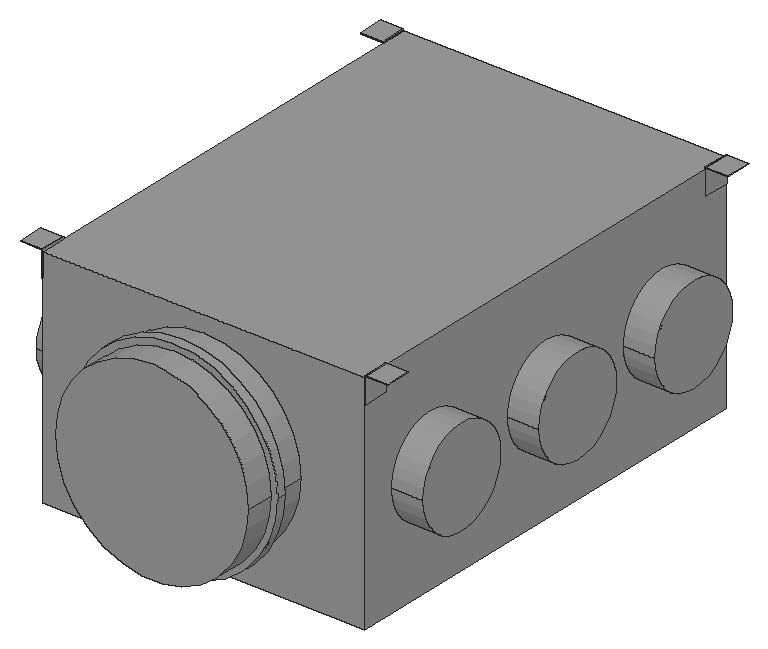
Revit family "FASU(F6-150 300Φ)", category ダクト付属品, Revit 2020
Family settings
  丸型コネクタ寸法 = 直径を使用
  パーツ タイプ = ダンパー
  OmniClass 番号 = 23.75.00.00
  OmniClass タイトル = Climate Control (HVAC)
  作業面ベース = いいえ
  常に垂直 = はい
  ロード時にボイドで切り取り = いいえ
  共有 = いいえ
Parameters
  高さ = 350 mm
  風量 = 0.0 L/s
  符号 = "FASU"
  形式 = "F6-150 300φ"
  幅 [instance] = 500 mm
  奥行き = 700 mm
  大きさ = 250 mm
  呼称 = "FASUチャンバー"
  付属品_下端レベル [instance] = 0 mm
  マテリアル [instance] = 既定値
  ダクト_イン = 300 mm
  ダクト_アウト = 150 mm
  既定の高さ = 0 mm
Reference planes
  plane 1 "中心(正面/背面)": y = 0
  plane 2: z = 0
  plane 3 "中心(左/右)": x = 0
  plane 4: x = -250
  plane 5: x = 250
  plane 6: y = -700
  plane 7: z = 350
  plane 8: z = 175
  plane 9: z = 266.963
  plane 10: z = 86.159
  plane 11: x = -251
  plane 12: z = 313.122
  plane 13: z = 352.122
  plane 14: y = -350
Forms (mm)
  Extrusion 1, solid, material "既定値" <- "マテリアル"
    sketch origin (0, 0, 0) x (1, 0, 0) y (0, 1, 0)
      loop
        line (-250, 0) -> (-250, -700) -> (250, -700) -> (250, 0) -> (-250, 0)
    from 0 to 350
  Extrusion 2, solid, material "既定値" <- "マテリアル"
    sketch origin (0, -30, 0) x (1, 0, 0) y (0, 1, 0)
      loop
        line (-250, 30) -> (-251, 30) -> (-251, -10) -> (-250, -10) -> (-250, 30)
    from 313.122 to 350
  Extrusion 3, solid, material "既定値" <- "マテリアル"
    sketch origin (0, -30, 0) x (1, 0, 0) y (0, 1, 0)
      loop
        line (-285, 30) -> (-285, -10) -> (-251, -10) -> (-251, 30) -> (-285, 30)
    from 352.122 to 350
  Extrusion 4, solid, material "既定値" <- "マテリアル"
    sketch origin (0, -30, 0) x (-1, 0, 0) y (0, -1, 0)
      loop
        line (-250, -30) -> (-250, 10) -> (-251, 10) -> (-251, -30) -> (-250, -30)
    from 313.122 to 353.122
  Extrusion 5, solid, material "既定値" <- "マテリアル"
    sketch origin (0, -30, 0) x (-1, 0, 0) y (0, -1, 0)
      loop
        line (-285, -30) -> (-251, -30) -> (-251, 10) -> (-285, 10) -> (-285, -30)
    from 352.122 to 353.122
  Extrusion 6, solid, material "既定値" <- "マテリアル"
    sketch origin (0, -490, 0) x (1, 0, 0) y (0, 1, 0)
      loop
        line (-285, -170) -> (-285, -210) -> (-251, -210) -> (-251, -170) -> (-285, -170)
    from 352.122 to 353.122
  Extrusion 7, solid, material "既定値" <- "マテリアル"
    sketch origin (0, -490, 0) x (1, 0, 0) y (0, 1, 0)
      loop
        line (-250, -170) -> (-251, -170) -> (-251, -210) -> (-250, -210) -> (-250, -170)
    from 313.122 to 353.122
  Extrusion 8, solid, material "既定値" <- "マテリアル"
    sketch origin (0, -490, 0) x (-1, 0, 0) y (0, -1, 0)
      loop
        line (-285, 170) -> (-251, 170) -> (-251, 210) -> (-285, 210) -> (-285, 170)
    from 352.122 to 353.122
  Extrusion 9, solid, material "既定値" <- "マテリアル"
    sketch origin (0, -490, 0) x (-1, 0, 0) y (0, -1, 0)
      loop
        line (-250, 170) -> (-250, 210) -> (-251, 210) -> (-251, 170) -> (-250, 170)
    from 313.122 to 353.122
  Extrusion 10, solid, material "既定値" <- "マテリアル"
    sketch origin (550, -582.5, 0) x (0, -1, 0) y (0, 0, -1)
      loop
        circle (-232.5, -175) r 74.985
    from -300 to -250
  Extrusion 11, solid, material "既定値" <- "マテリアル"
    sketch origin (-550, -582.5, 0) x (0, -1, 0) y (0, 0, 1)
      loop
        circle (-232.5, 175) r 74.985
    from -300 to -250
  Extrusion 12, solid, material "既定値" <- "マテリアル"
    sketch origin (0, -700, 0) x (1, 0, 0) y (0, 0, 1)
      loop
        circle (0, 175) r 150
    from 0 to 42.5
  Extrusion 13, solid, material "既定値" <- "マテリアル"
    sketch origin (0, -743, 0) x (1, 0, 0) y (0, 0, 1)
      loop
        circle (0, 175) r 160
    from -0.5 to 14.5
  Extrusion 14, solid, material "既定値" <- "マテリアル"
    sketch origin (0, -757.5, 0) x (1, 0, 0) y (0, 0, 1)
      loop
        circle (0, 175) r 150
    from 0 to 42.5
  Extrusion 15, solid, material "既定値" <- "マテリアル"
    sketch origin (550, -357.5, 0) x (0, -1, 0) y (0, 0, -1)
      loop
        circle (-232.5, -175) r 74.985
    from -300 to -250
  Extrusion 16, solid, material "既定値" <- "マテリアル"
    sketch origin (-550, -357.5, 0) x (0, -1, 0) y (0, 0, 1)
      loop
        circle (-232.5, 175) r 74.985
    from -300 to -250
  Extrusion 17, solid, material "既定値" <- "マテリアル"
    sketch origin (550, -142.5, 0) x (0, 1, 0) y (0, 0, 1)
      loop
        circle (-432.5, 175) r 74.985
    from -300 to -250
  Extrusion 18, solid, material "既定値" <- "マテリアル"
    sketch origin (0, -142.5, 0) x (0, 1, 0) y (0, 0, 1)
      loop
        circle (-432.5, 175) r 74.985
    from -300 to -250
Lines and regions (mm)
  model lines
    curve 1: line (-250, -30, 0) -> (250, -30, 0)
    curve 2: line (-250, -670, 0) -> (250, -670, 0)
Text (mm)
  text "FASU(F6-150 300Φ)" at (3.713, -630.412, 0), in view "参照レベル"
Dimensions and locks
  equal spacing: plane 4, plane 3 "中心(左/右)", plane 5
  "幅": plane 4 to plane 5
  "奥行き": plane 6 to plane 1 "中心(正面/背面)"
  "高さ": plane 7 to level
  equal spacing: plane 7, plane 8, level
  equal spacing: plane 6, plane 14, plane 1 "中心(正面/背面)"
  aligned and locked: level to plane 2
  aligned and locked: Extrusion 1 sketch curve to plane 5
  aligned and locked: plane 7 to Extrusion 1
  aligned and locked: Extrusion 2 sketch curve to Extrusion 1
  aligned and locked: plane 7 to Extrusion 2
  aligned and locked: Extrusion 3 sketch curve to Extrusion 2
  aligned and locked: Extrusion 2 to Extrusion 3 sketch curve
  aligned and locked: plane 7 to Extrusion 3
  aligned and locked: Extrusion 3 to plane 13
  aligned and locked: Extrusion 4 to Extrusion 5 sketch curve
  aligned and locked: Extrusion 5 sketch curve to Extrusion 4
  aligned and locked: Extrusion 1 to Extrusion 8
  aligned and locked: Extrusion 6 to Extrusion 1
  aligned and locked: Extrusion 7 to Extrusion 1
  aligned and locked: Extrusion 1 to Extrusion 9
  aligned and locked: Extrusion 9 to Extrusion 8
  aligned and locked: Extrusion 7 to Extrusion 6
  aligned and locked: plane 4 to Extrusion 7
  aligned and locked: Extrusion 9 to plane 5
  aligned and locked: plane 4 to curve 1
  aligned and locked: plane 5 to curve 1
  aligned and locked: plane 5 to curve 2
  aligned and locked: Extrusion 1 to Extrusion 3
  aligned and locked: Extrusion 5 to Extrusion 1
  aligned and locked: Extrusion 4 to plane 5
  aligned and locked: Extrusion 1 to plane 6
  aligned and locked: Extrusion 1 to plane 1 "中心(正面/背面)"
  aligned and locked: plane 6 to Extrusion 12
  aligned and locked: Extrusion 15 to plane 5
  aligned and locked: plane 4 to Extrusion 16
  aligned and locked: Extrusion 17 to plane 5
  aligned and locked: plane 4 to Extrusion 18
Automatic sketch dimensions
  curve 2 to plane 4 = 0 mm
  plane 6 to curve 2 = 30 mm
  plane 1 "中心(正面/背面)" to curve 1 = 30 mm
  Extrusion 1 sketch curve to plane 4 = 0 mm
  Extrusion 1 sketch curve to plane 6 = 0 mm
  plane 1 "中心(正面/背面)" to Extrusion 1 sketch curve = 0 mm
  plane 1 "中心(正面/背面)" to Extrusion 2 sketch curve = 0 mm
  Extrusion 2 sketch curve to plane 11 = 0 mm
  Extrusion 2 sketch curve to Extrusion 2 sketch curve = 40 mm
  plane 1 "中心(正面/背面)" to Extrusion 3 sketch curve = 0 mm
  Extrusion 3 sketch curve to Extrusion 3 sketch curve = 34 mm
  plane 1 "中心(正面/背面)" to Extrusion 4 sketch curve = 0 mm
  Extrusion 4 sketch curve to plane 5 = 0 mm
  Extrusion 4 sketch curve to Extrusion 4 sketch curve = 1 mm
  Extrusion 4 sketch curve to Extrusion 4 sketch curve = 40 mm
  plane 1 "中心(正面/背面)" to Extrusion 5 sketch curve = 0 mm
  Extrusion 5 sketch curve to Extrusion 5 sketch curve = 34 mm
  Extrusion 6 sketch curve to plane 6 = 0 mm
  Extrusion 6 sketch curve to plane 11 = 0 mm
  Extrusion 6 sketch curve to plane 11 = 34 mm
  plane 6 to Extrusion 6 sketch curve = 40 mm
  Extrusion 7 sketch curve to plane 11 = 0 mm
  Extrusion 7 sketch curve to plane 4 = 0 mm
  Extrusion 7 sketch curve to plane 6 = 0 mm
  plane 6 to Extrusion 7 sketch curve = 40 mm
  Extrusion 8 sketch curve to plane 6 = 0 mm
  Extrusion 8 sketch curve to plane 5 = 35 mm
  Extrusion 8 sketch curve to plane 5 = 1 mm
  Extrusion 8 sketch curve to Extrusion 8 sketch curve = 40 mm
  Extrusion 9 sketch curve to plane 6 = 0 mm
  Extrusion 9 sketch curve to plane 5 = 0 mm
  Extrusion 9 sketch curve to Extrusion 9 sketch curve = 1 mm
  Extrusion 9 sketch curve to Extrusion 9 sketch curve = 40 mm
  Extrusion 10 sketch curve to plane 8 = 0 mm
  Extrusion 10 sketch curve to plane 14 = 0 mm
  Extrusion 11 sketch curve to plane 8 = 0 mm
  Extrusion 11 sketch curve to plane 14 = 0 mm
  Extrusion 12 sketch curve to plane 3 "中心(左/右)" = 0 mm
  Extrusion 12 sketch curve to plane 8 = 0 mm
  Extrusion 13 sketch curve to plane 3 "中心(左/右)" = 0 mm
  Extrusion 13 sketch curve to plane 8 = 0 mm
  Extrusion 14 sketch curve to plane 3 "中心(左/右)" = 0 mm
  Extrusion 14 sketch curve to plane 8 = 0 mm
  Extrusion 15 sketch curve to plane 8 = 0 mm
  plane 1 "中心(正面/背面)" to Extrusion 15 sketch curve = 125 mm
  Extrusion 16 sketch curve to plane 8 = 0 mm
  plane 1 "中心(正面/背面)" to Extrusion 16 sketch curve = 125 mm
  Extrusion 17 sketch curve to plane 8 = 0 mm
  plane 6 to Extrusion 17 sketch curve = 125 mm
  Extrusion 18 sketch curve to plane 8 = 0 mm
  plane 6 to Extrusion 18 sketch curve = 125 mm
  radius of Extrusion 10 sketch curve = 74.985 mm
  radius of Extrusion 11 sketch curve = 74.985 mm
  radius of Extrusion 12 sketch curve = 150 mm
  radius of Extrusion 13 sketch curve = 160 mm
  radius of Extrusion 14 sketch curve = 150 mm
  radius of Extrusion 15 sketch curve = 74.985 mm
  radius of Extrusion 16 sketch curve = 74.985 mm
  radius of Extrusion 17 sketch curve = 74.985 mm
  radius of Extrusion 18 sketch curve = 74.985 mm
Connectors
  hvac at (-300, -575, 175), driven by "ダクト_アウト"
    settings: on Extrusion 18, index 1, duct flow 0.0 L/s, flow factor 0, pres drop 0.0 Pa, loss coef 0, conn angle 0.00°, conn width 304.8 mm, conn height 304.8 mm, conn diameter 150 mm, duct sys type 29, conn prof type 0, flow config 0, flow direction 2, loss method 0, conn ref index -1, conn util no, is conn primary yes, conn desc ""
  hvac at (-300, -350, 175), driven by "ダクト_アウト"
    settings: on Extrusion 11, index 2, duct flow 0.0 L/s, flow factor 0, pres drop 0.0 Pa, loss coef 0, conn angle 0.00°, conn width 304.8 mm, conn height 304.8 mm, conn diameter 150 mm, duct sys type 29, conn prof type 0, flow config 0, flow direction 2, loss method 0, conn ref index -1, conn util no, is conn primary no, conn desc ""
  hvac at (-300, -125, 175), driven by "ダクト_アウト"
    settings: on Extrusion 16, index 3, duct flow 0.0 L/s, flow factor 0, pres drop 0.0 Pa, loss coef 0, conn angle 0.00°, conn width 304.8 mm, conn height 304.8 mm, conn diameter 150 mm, duct sys type 29, conn prof type 0, flow config 0, flow direction 2, loss method 0, conn ref index -1, conn util no, is conn primary no, conn desc ""
  hvac at (300, -575, 175), driven by "ダクト_アウト"
    settings: on Extrusion 17, index 4, duct flow 0.0 L/s, flow factor 0, pres drop 0.0 Pa, loss coef 0, conn angle 0.00°, conn width 304.8 mm, conn height 304.8 mm, conn diameter 150 mm, duct sys type 29, conn prof type 0, flow config 0, flow direction 2, loss method 0, conn ref index -1, conn util no, is conn primary no, conn desc ""
  hvac at (300, -350, 175), driven by "ダクト_アウト"
    settings: on Extrusion 10, index 5, duct flow 0.0 L/s, flow factor 0, pres drop 0.0 Pa, loss coef 0, conn angle 0.00°, conn width 304.8 mm, conn height 304.8 mm, conn diameter 150 mm, duct sys type 29, conn prof type 0, flow config 0, flow direction 2, loss method 0, conn ref index -1, conn util no, is conn primary no, conn desc ""
  hvac at (300, -125, 175), driven by "ダクト_アウト"
    settings: on Extrusion 15, index 6, duct flow 0.0 L/s, flow factor 0, pres drop 0.0 Pa, loss coef 0, conn angle 0.00°, conn width 304.8 mm, conn height 304.8 mm, conn diameter 150 mm, duct sys type 29, conn prof type 0, flow config 0, flow direction 2, loss method 0, conn ref index -1, conn util no, is conn primary no, conn desc ""
  hvac at (0, -800, 175), driven by "ダクト_イン"
    settings: on Extrusion 14, index 7, duct flow 0.0 L/s, flow factor 0, pres drop 0.0 Pa, loss coef 0, conn angle 0.00°, conn width 304.8 mm, conn height 304.8 mm, conn diameter 300 mm, duct sys type 1, conn prof type 0, flow config 0, flow direction 1, loss method 0, conn ref index -1, conn util no, is conn primary no, conn desc ""
